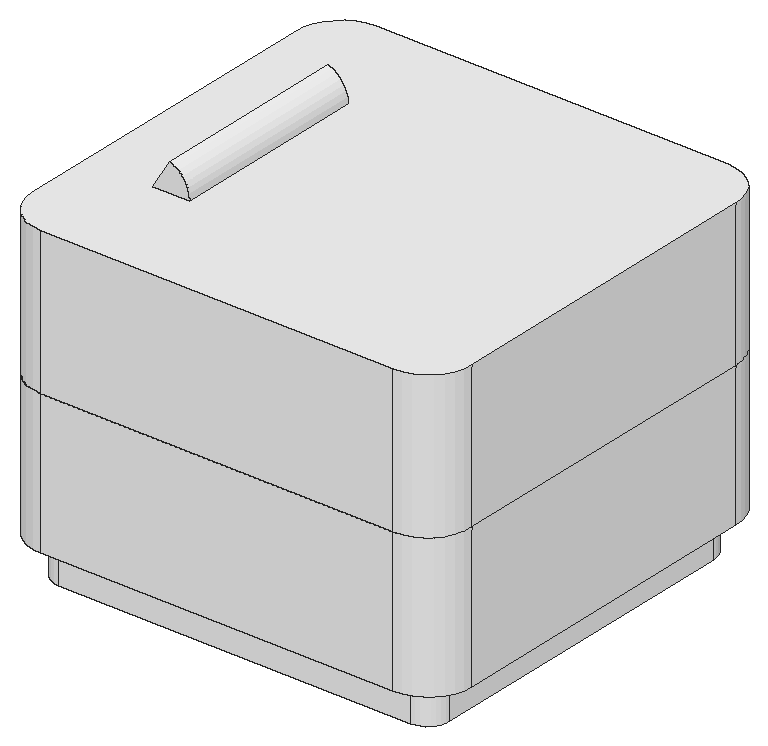
Revit family "Gira_078930", category Electrical Fixtures, host Face, Revit 2017
Family settings
  Host = Face
  Maintain Annotation Orientation = Yes
  Round Connector Dimension = Use Diameter
  Part Type = Normal
  Cut with Voids When Loaded = No
  Shared = No
  Room Calculation Point = No
Parameters (values of type "SCHUKO 3-g horiz. HC WP surface-mounted grey")
  URL = "http://katalog.gira.de/en/datenblatt.html?artikelnr=078930"
  Transparent = "No"
  Name = "SCHUKO 3-g horiz. HC WP surface-mounted grey"
  Model = "Protective contact (SCHUKO)"
  Manufacturer URL = "https://www.gira.de/"
  Manufacturer = "Gira"
  Keynote = ""
  HeinzeBIM = "https://bimportal.heinze.de/bim/schuko-3-g-horiz-hc-wp-surface-mounted-grey/a586b5c699f2d419144623cd5fad47d07d67b4e0"
  HAN = "078930"
  GTIN = "4010337789307"
  Description = "SCHUKO 3g hori WP SM GY,SCHUKO triple socket outlet 16 A 250 V~ horizontal with hinged cover,,grey,Notes :,- Instead of the SCHUKO socket outlets, switches, push buttons or light signals can also be used."
  Default Elevation = 1219.2 mm
  Data sheet (1) = "https://katalog.gira.de/en/download.html?artikelnr=078930"
  Category = "Socket outlet"
  BIM (1) = "https://media.stage.bim.site/public/gira/36a6b08/IP44_Komplettgerät_Steckdose.rfa?public/gira/36a6b08/IP44_Komplettgerät_Steckdose.rfa"
  Available = "No"
Reference planes
  plane 1 "Center (Front/Back)": y = 0
  plane 2: z = 0
  plane 3 "Center (Left/Right)": x = 0
Forms (mm)
  Extrusion 1, solid, material "White", detail levels fine
    sketch origin (41, 0, 0) x (1, 0, 0) y (0, 1, 0)
      loop
        line (-9, 38) -> (-73, 38)
        arc (-73, 38) -> (-78.657, 35.657) -> (-81, 30) r 8
        line (-81, 30) -> (-81, -30)
        arc (-81, -30) -> (-78.657, -35.657) -> (-73, -38) r 8
        line (-73, -38) -> (-9, -38)
        arc (-9, -38) -> (-3.343, -35.657) -> (-1, -30) r 8
        line (-1, -30) -> (-1, 30)
        arc (-1, 30) -> (-3.343, 35.657) -> (-9, 38) r 8
    from 0 to 26
  Extrusion 2, solid, material "White", detail levels fine
    sketch origin (41, 0, 0) x (1, 0, 0) y (0, 1, 0)
      loop
        line (-9, 38) -> (-73, 38)
        arc (-73, 38) -> (-78.657, 35.657) -> (-81, 30) r 8
        line (-81, 30) -> (-81, -30)
        arc (-81, -30) -> (-78.657, -35.657) -> (-73, -38) r 8
        line (-73, -38) -> (-9, -38)
        arc (-9, -38) -> (-3.343, -35.657) -> (-1, -30) r 8
        line (-1, -30) -> (-1, 30)
        arc (-1, 30) -> (-3.343, 35.657) -> (-9, 38) r 8
    from 26 to 52.5
  Extrusion 3, solid, material "White", detail levels fine
    sketch origin (41, 0, 0) x (1, 0, 0) y (0, 0, 1)
      loop
        line (-68.7, 52.5) -> (-62.067, 52.5)
        arc (-62.067, 52.5) -> (-63.019, 55.628) -> (-65.7, 57.5) r 5
        line (-65.7, 57.5) -> (-68.7, 52.5)
    from 18 to -18
  Extrusion 4, solid, material "White", detail levels medium
    sketch origin (41, -5.734, 0) x (1, 0, 0) y (0, 1, 0)
      loop
        line (-9, 43.734) -> (-73, 43.734)
        arc (-73, 43.734) -> (-78.657, 41.391) -> (-81, 35.734) r 8
        line (-81, 35.734) -> (-81, -24.266)
        arc (-81, -24.266) -> (-78.657, -29.923) -> (-73, -32.266) r 8
        line (-73, -32.266) -> (-9, -32.266)
        arc (-9, -32.266) -> (-3.343, -29.923) -> (-1, -24.266) r 8
        line (-1, -24.266) -> (-1, 35.734)
        arc (-1, 35.734) -> (-3.343, 41.391) -> (-9, 43.734) r 8
    from 0 to 52.5
  Extrusion 5, solid, material "White", detail levels medium
    sketch origin (41, 0, 0) x (1, 0, 0) y (0, 0, 1)
      loop
        line (-68.7, 57.5) -> (-68.7, 52.5) -> (-62.067, 52.5) -> (-62.067, 57.5) -> (-68.7, 57.5)
    from -18 to 18
  Extrusion 6, solid, material "White", detail levels coarse
    sketch origin (41, 0, 0) x (1, 0, 0) y (0, 1, 0)
      loop
        line (-1, 38) -> (-81, 38) -> (-81, -38) -> (-1, -38) -> (-1, 38)
    from -7 to 57.5
  Extrusion 7, solid, material "White", detail levels medium+fine
    sketch origin (41, 0, 0) x (1, 0, 0) y (0, 1, 0)
      loop
        line (-9, 34) -> (-73, 34)
        arc (-73, 34) -> (-75.828, 32.828) -> (-77, 30) r 4
        line (-77, 30) -> (-77, -30)
        arc (-77, -30) -> (-75.828, -32.828) -> (-73, -34) r 4
        line (-73, -34) -> (-9, -34)
        arc (-9, -34) -> (-6.172, -32.828) -> (-5, -30) r 4
        line (-5, -30) -> (-5, 30)
        arc (-5, 30) -> (-6.172, 32.828) -> (-9, 34) r 4
    from 0 to -7
Dimensions and locks
  Extrusion 6 to plane 3 "Center (Left/Right)" to Extrusion 6 = 40 mm, 40 mm
  aligned and locked: plane 2 to host face
  aligned and locked: level to host face
  aligned and locked: plane 3 "Center (Left/Right)" to nested 1
  aligned and locked: plane 1 "Center (Front/Back)" to nested 1
Nested families
  nested 1: "Steckdose 1-fach Beschriftung" at (0, 0, 0), type "Steckdose 1-fach Beschriftung"
Connectors
  electrical at (0, 0, -7)
    settings: on Extrusion 7, index 1, voltage 220 V, apparent load 0 VA, apparent load phase1 0 VA, apparent load phase2 0 VA, apparent load phase3 0 VA, power factor 1, load classification "Other", number of poles 1, system type 31, power factor state 1, is connector primary yes, connector utility no, sub classification motor no, connector description ""
Definition of nested family "Steckdose 1-fach Beschriftung"
  Reference planes
    plane 1: y = 0
    plane 2: x = 0
  Lines and regions (mm)
    detail lines
      curve 1: line (0, 0, 0) -> (0, 2, 0)
      curve 3: line (0, 2, 0) -> (-1, 2, 0)
      curve 4: arc (1, 3, 0) -> (0, 2, 0) -> (-1, 3, 0) r 1
      curve 5: line (0, 2, 0) -> (1, 2, 0)
    reference lines
      curve 2: line (-0.485, 3, 0) -> (2.315, 3, 0)
  Dimensions and locks
    curve 1 to curve 1 = 2 mm
    plane 1 to curve 2 = 3 mm
    curve 3 to curve 3 = 1 mm
